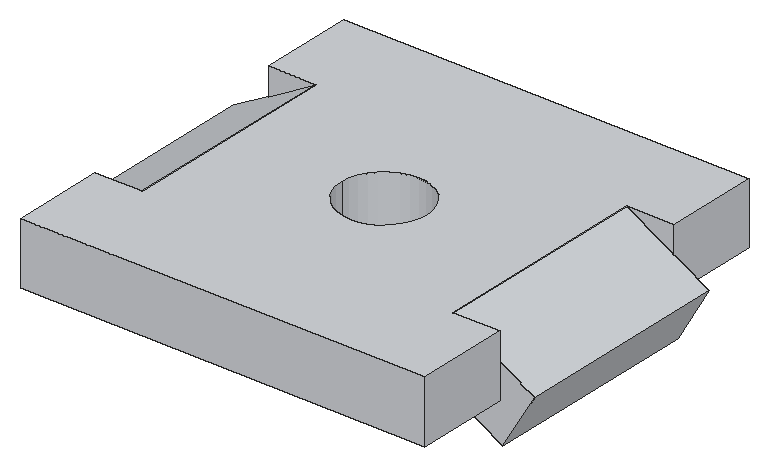
Revit family "Fitting-Flat_Plate-Unistrut-P2862", category Specialty Equipment, Revit 2012
Parameters (values of type "P2862")
  ecoScorecard_data = "http://products.ecoscorecard.com/atkore/P2862"
  ecoScorecard Product Page = "http://products.ecoscorecard.com/atkore/P2862?action=html"
  Weight Per Piece = 0.18 lbf
  Unit = none
  Unistrut Part Number = "P2862"  # constant formula
  URL = "http://unistrut.us/index.php"
  Thickness = 0' - 0 1/4"  # constant formula
  Subcategory = "Flat Plate Fittings"  # constant formula
  Product Page URL = "http://unistrut.us/index.php?WP=cat_detail&S=S05&P=P2862"
  Power Strut Part Number = "PS 2504"  # constant formula
  Part Type = "Fitting"  # constant formula
  Overall Width = 0' - 1 5/8"  # constant formula
  Overall Length = 0' - 1 5/8"  # constant formula
  Model = "P2862"  # constant formula
  Material = ""
  Manufacturer Phone - Toll Free = "800-882-5543"  # constant formula
  Manufacturer Phone = "708-339-1610"  # constant formula
  Manufacturer Fax = "708-339-7814"  # constant formula
  Manufacturer Email = "mailto:jshaw@atkore.com"
  Manufacturer Address = "16100 South Lathrop Avenue, Harvey, IL 60426"  # constant formula
  Manufacturer = "Unistrut by Atkore International"  # constant formula
  Load Capacity Note = "Visit the product page for load application and capacity."  # constant formula
  Literature URL = "http://unistrut.us/index.php?WP=LItLibrary"
  Hole Diameter = 0' - 0 11/32"
  Cost Info = "mailto:jshaw@atkore.com"
  CAD URL = "http://unistrut.us/index.php?WP=CAD3d"
  Bolt Size = 0' - 0 5/16"  # constant formula
  Assembly Code = "D5020100"
  95 CSI = "16070"  # constant formula
  04 CSI = "26 05 48"  # constant formula
Types (4): name | ecoScorecard_data | ecoScorecard Product Page | Weight Per Piece | Product Page URL | Manufacturer Email | Hole Diameter | Cost Info
  (no name) | "http://products.ecoscorecard.com/atkore/P2862" | "http://products.ecoscorecard.com/atkore/P2862?action=html" | 0.18 lbf | "http://unistrut.us/index.php?WP=cat_detail&S=S05&P=P2862" | "mailto:jshaw@atkore.com" | 0' - 0 11/32" | "mailto:jshaw@atkore.com"
  P2862 | "http://products.ecoscorecard.com/atkore/P2862" | "http://products.ecoscorecard.com/atkore/P2862?action=html" | 0.18 lbf | "http://unistrut.us/index.php?WP=cat_detail&S=S05&P=P2862" | "mailto:jshaw@atkore.com" | 0' - 0 11/32" | "mailto:jshaw@atkore.com"
  P2863 | "http://products.ecoscorecard.com/atkore/P2863" | "http://products.ecoscorecard.com/atkore/P2863?action=html" | 0.18 lbf | "http://unistrut.us/index.php?WP=cat_detail&S=S05&P=P2863" | "mailto:questions@atkore.com" | 0' - 0 7/16" | "mailto:questions@atkore.com"
  P2864 | "http://products.ecoscorecard.com/atkore/P2864" | "http://products.ecoscorecard.com/atkore/P2864?action=html" | 0.17 lbf | "http://unistrut.us/index.php?WP=cat_detail&S=S05&P=P2864" | "mailto:questions@atkore.com" | 0' - 0 9/16" | "mailto:questions@atkore.com"
Reference planes (in)
  plane 1 "Center (Front/Back)": y = 0
  plane 2: z = 0
  plane 3 "Center (Left/Right)": x = 0
  plane 4: y = 0.8125
  plane 5: y = -0.8125
  plane 6: x = -0.8125
  plane 7: x = 0.8125
  plane 8: z = 0.25
Dimensions and locks (in)
  equal spacing: plane 6, plane 3 "Center (Left/Right)", plane 7
  "Overall Width": plane 6 to plane 7
  equal spacing: plane 4, plane 1 "Center (Front/Back)", plane 5
  "Overall Length": plane 4 to plane 5
  "Thickness": plane 8 to plane 2
  aligned and locked: level to plane 2
  aligned and locked: plane 3 "Center (Left/Right)" to nested 1
  aligned and locked: plane 1 "Center (Front/Back)" to nested 1
Nested families (in)
  nested 1: "P286" at (0, 0, 0), type "P286"
Definition of nested family "P286"
  Parameters (values of type "P2862")
    Width = 0' - 1 5/8"
    Unit = none
    Thickness = 0' - 0 1/4"
    Radiuis = Diameter / 2  # 0' - 0 5/32"
    Length = 0' - 1 5/8"
    Diameter = 0' - 0 5/16"
  Reference planes (in)
    plane 1 "Center (Front/Back)": y = 0
    plane 2: z = 0
    plane 3 "Center (Left/Right)": x = 0
    plane 4: y = 0.8125
    plane 5: y = -0.8125
    plane 6: x = -0.8125
    plane 7: x = 0.8125
    plane 8: z = 0.25
  Forms (in)
    Extrusion 1, solid, material <- "Unit"
      sketch origin (0, 0, 0) x (1, 0, 0) y (0, 1, 0)
        loop
          line (-0.8125, 0.8125) -> (-0.8125, 0.4375) -> (-0.62398, 0.4375) -> (-0.62398, -0.4375) -> (-0.8125, -0.4375) -> (-0.8125, -0.8125) -> (0.8125, -0.8125) -> (0.8125, -0.4375) -> (0.62401, -0.4375) -> (0.62401, 0.4375) -> (0.8125, 0.4375) -> (0.8125, 0.8125) -> (-0.8125, 0.8125)
        loop
          circle (0, 0) r 0.15625
      from 0 to 0.25
    Extrusion 2, solid, material <- "Unit"
      sketch origin (0, 0, 0) x (1, 0, 0) y (0, 0, 1)
        loop
          line (0.95282, 0.06036) -> (0.62401, 0.25003) -> (0.62401, 0) -> (0.55717, 0) -> (0.82782, -0.15616) -> (0.95282, 0.06036)
        loop
          line (-0.62398, 0.25005) -> (-0.95282, 0.06036) -> (-0.82782, -0.15616) -> (-0.55717, 0) -> (-0.62398, 0) -> (-0.62398, 0.25005)
      from -0.4375 to 0.4375
  Dimensions and locks (in)
    equal spacing: plane 6, plane 3 "Center (Left/Right)", plane 7
    "Width": plane 6 to plane 7
    equal spacing: plane 4, plane 1 "Center (Front/Back)", plane 5
    "Length": plane 4 to plane 5
    "Thickness": plane 8 to plane 2
    locked: Extrusion 1 sketch curve to plane 4 at 0.375
    locked: plane 5 to Extrusion 1 sketch curve at 0.375
    locked: plane 4 to Extrusion 1 sketch curve at 0.375
    "Radiuis": radius of Extrusion 1 sketch curve
    aligned and locked: level to plane 2
    aligned and locked: Extrusion 1 sketch curve to plane 4
    aligned and locked: Extrusion 1 sketch curve to plane 6
    aligned and locked: plane 7 to Extrusion 1 sketch curve
    aligned and locked: Extrusion 1 to plane 2
    aligned and locked: plane 8 to Extrusion 1
    aligned and locked: plane 3 "Center (Left/Right)" to Extrusion 1 sketch curve
    aligned and locked: plane 1 "Center (Front/Back)" to Extrusion 1 sketch curve
    aligned and locked: Extrusion 2 sketch curve to Extrusion 1  (x2)
    aligned and locked: Extrusion 1 to Extrusion 2 sketch curve  (x2)
    aligned and locked: Extrusion 1 sketch curve to Extrusion 1 sketch curve
    aligned and locked: Extrusion 2 to Extrusion 1  (x2)
  Automatic sketch dimensions
    plane 5 to Extrusion 1 sketch curve = 0' - 0"
    Extrusion 1 sketch curve to plane 6 = 0' - 0"
    Extrusion 1 sketch curve to plane 7 = 0' - 0"
    Extrusion 1 sketch curve to Extrusion 1 sketch curve = 0' - 0.18852"
    plane 7 to Extrusion 1 sketch curve = 0' - 0.18849"
    Extrusion 2 sketch curve to plane 6 = 0' - 0.01532"
    level to Extrusion 2 sketch curve = 0' - 0.06036"  (x2)
    Extrusion 2 sketch curve to plane 6 = 0' - 0.14032"
    Extrusion 2 sketch curve to Extrusion 2 sketch curve = 0' - 0.06681"
    Extrusion 2 sketch curve to Extrusion 2 sketch curve = 0' - 0.06684"
    Extrusion 2 sketch curve to plane 7 = 0' - 0.01532"
    Extrusion 2 sketch curve to plane 7 = 0' - 0.14032"
    Extrusion 2 sketch curve to level = 0' - 0.15616"  (x2)
    plane 8 to Extrusion 2 sketch curve = 0' - 0.00003"
    plane 8 to Extrusion 2 sketch curve = 0' - 0.00005"
